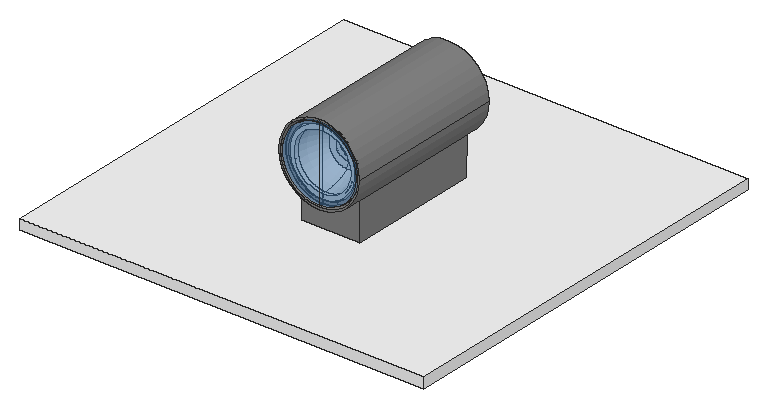
Revit family "BE_24727_de_DE", category Leuchten, Revit 2020
Family settings
  Basisbauteil = Fläche
  Bemaßung runder Anschluss = Durchmesser verwenden
  Teiletyp = Normal
  Beim Laden mit Abzugskörper schneiden = Ja
  Lichtquelle = Ja
  Gemeinsam genutzt = Nein
  Raumberechnungspunkt = Ja
Parameters (values of type "BEGA_24727_Grafit_K3")
  built-in parameter 1150104 = 15.58 (stored number, unit not read)
  Wattage = 3.9 W
  Default Elevation = 0 mm
  built-in parameter 1150113 = 1 (stored number, unit not read)
  built-in parameter 1114218 = 1 (stored number, unit not read)
  Umgebungstemperatur = "25 °C"
  URL = "https://www.bega.com/de/produkt/24727"
  Typenkommentare = "© 2022 BEGA. Wir behalten uns das Recht vor, technische Änderungen ohne vorherige Ankündigung vorzunehmen."  # constant formula
  built-in parameter 1150134 = (empty or 0)
  built-in parameter 1150109 = 1 (stored number, unit not read)
  Strom = ""
  built-in parameter 1150110 = 1 (stored number, unit not read)
  Spannung = 239.996 V
  Sonderanfertigung = no
  Seriennummer [instance] = "Hier können Sie die eindeutige Seriennummer für das Facility Management eintragen."
  Schutzklasse = "I"
  Schutzart = "IP 65"
  Scheinlast = 0 VA
  Produktdatenblatt = "https://cdn.bega.com/bega/products/24727WK4/current/documents/data-sheets/de"
  Oberflächentemperatur = ""
  Neigungswinkel = 0.00°
  Modell = "24727K3"
  Material_17 = BEGA_Reflektor
  Material_15 = BEGA_Leuchtmedium_matt
  Material_10 = BEGA_Glas_matt
  Material_06 = BEGA_Oberfläche_Edelstahl_gebürstet
  Material_03 = BEGA_Oberfläche_Weiss_matt
  Material_02 = BEGA_Oberfläche_Silber_matt
  Material_01 [instance] = BEGA_Oberfläche_Grafit_matt
  M_W = no
  M_G = yes
  M_A = no
  Logo = 0
  built-in parameter 1114217 = 1 (stored number, unit not read)
  built-in parameter 1150139 = (empty or 0)
  built-in parameter 1150105 = 52.046 (stored number, unit not read)
  built-in parameter 1150114 = 1 (stored number, unit not read)
  Lumens = 654.03 lm
  built-in parameter 1150115 = 1 (stored number, unit not read)
  Leuchtenlichtstrom = "485 lm"
  Leuchtenanzahl = ""
  Lebensdauerkriterien = "L70B50 @ 25 °C = 200000 h"
  Lastklassifizierung = Beleuchtung
  built-in parameter 1150112 = 1 (stored number, unit not read)
  Lampenlichtstrom = "645 lm"
  Lampe = "LED 3.9 W"
  LED_Modulbezeichnung = "LED-1029/830"
  built-in parameter 1150142 = (empty or 0)
  Hersteller = "BEGA"  # constant formula
  Halbstreuwinkel = ""
  Gewicht = "1.2 kg"
  Gebrauchslageneinschränkung [instance] = ""
  Frequenz = "0/50-60 Hz"
  Farbwiedergabeindex = "CRI > 80"
  Farbtemperaturverschiebung bei Dämpfen der Lampe = <Keine Auswahl>
  Farbtemperatur = "3000 K"
  Color Filter = 16777215
  built-in parameter 1150133 = 10 (stored number, unit not read)
  Energieeffizienzklasse = "LED A++ - A"
  built-in parameter 1150137 = (empty or 0)
  built-in parameter 1150132 = (empty or 0)
  ENEC = ""
  Dimmbar [instance] = ""
  Datei für fotometrisches Netz = "BE_24727K3.IES"
  CE_Konformität = "ja"
  Bestellnummer = "24727K3"
  Beschreibung_Sonderanfertigung = "Hier können Sie Informationen zur Sonderanfertigung eintragen."
  Beschreibung = "Wandleuchte"
  built-in parameter 1150106 = 0.52046 (stored number, unit not read)
  Befestigungsbohrung = "Ø 4,5 mm"
  Befestigungsabstand = "38 x 110 mm"
  Ballwurfsicher = ""
  Anschlussleitung = ""
  Anschlussleistung [instance] = "5 W"
  Anschlusskasten = ""
  built-in parameter 1150107 = 3000 (stored number, unit not read)
  built-in parameter 1150102 = (empty or 0)
  built-in parameter 1150138 = (empty or 0)
  Aktualisierung = "2022-06-02T04:00:06"
  Abstand_zur_angestrahlten_Fläche [instance] = ""
  AC/DC = "AC/DC"
Types (6, lengths in mm): name | built-in parameter 1150104 | built-in parameter 1150134 | Modell | M_W | M_G | M_A | built-in parameter 1150105 | Lumens | Leuchtenlichtstrom | Lampenlichtstrom | LED_Modulbezeichnung | Farbtemperatur | Datei für fotometrisches Netz | Bestellnummer | built-in parameter 1150106 | built-in parameter 1150107
  BEGA_24727_Weiß_K4 | 16.317 (stored number, unit not read) | 12 | "24727WK4" | yes | no | no | 54.51 (stored number, unit not read) | 684.996 lm | "515 lm" | "685 lm" | "LED-1029/840" | "4000 K" | "BE_24727K4.IES" | "24727WK4" | 0.5451 (stored number, unit not read) | 4000 (stored number, unit not read)
  BEGA_24727_Weiß_K3 | 15.58 (stored number, unit not read) | (empty or 0) | "24727WK3" | yes | no | no | 52.046 (stored number, unit not read) | 654.03 lm | "485 lm" | "645 lm" | "LED-1029/830" | "3000 K" | "BE_24727K3.IES" | "24727WK3" | 0.52046 (stored number, unit not read) | 3000 (stored number, unit not read)
  BEGA_24727_Grafit_K4 | 16.317 (stored number, unit not read) | 12 | "24727K4" | no | yes | no | 54.51 (stored number, unit not read) | 684.996 lm | "515 lm" | "685 lm" | "LED-1029/840" | "4000 K" | "BE_24727K4.IES" | "24727K4" | 0.5451 (stored number, unit not read) | 4000 (stored number, unit not read)
  BEGA_24727_Grafit_K3 | 15.58 (stored number, unit not read) | (empty or 0) | "24727K3" | no | yes | no | 52.046 (stored number, unit not read) | 654.03 lm | "485 lm" | "645 lm" | "LED-1029/830" | "3000 K" | "BE_24727K3.IES" | "24727K3" | 0.52046 (stored number, unit not read) | 3000 (stored number, unit not read)
  BEGA_24727_Silber_K3 | 15.58 (stored number, unit not read) | (empty or 0) | "24727AK3" | no | no | yes | 52.046 (stored number, unit not read) | 654.03 lm | "485 lm" | "645 lm" | "LED-1029/830" | "3000 K" | "BE_24727K3.IES" | "24727AK3" | 0.52046 (stored number, unit not read) | 3000 (stored number, unit not read)
  BEGA_24727_Silber_K4 | 16.317 (stored number, unit not read) | 12 | "24727AK4" | no | no | yes | 54.51 (stored number, unit not read) | 684.996 lm | "515 lm" | "685 lm" | "LED-1029/840" | "4000 K" | "BE_24727K4.IES" | "24727AK4" | 0.5451 (stored number, unit not read) | 4000 (stored number, unit not read)
Reference planes
  plane 1 "Mitte (Vorne/Hinten)": y = 0
  plane 2: z = 0
  plane 3 "Mitte (Links/Rechts)": x = 0
  plane 4 "Links": x = -40.06
  plane 5 "Rechts": x = 40.076
  plane 6 "Unten": y = -79.5
  plane 7 "Oben": y = 79.5
  plane 8 "Vorne": z = 105.329
  plane 9 "Hinten": z = 0
Forms (mm)
  Extrusion 1, solid, material "BEGA_Platte_Weiss"
    sketch origin (0, -1119.2, 0) x (1, 0, 0) y (0, 1, 0)
      loop
        line (-200, 1319.2) -> (-200, 919.2) -> (200, 919.2) -> (200, 1319.2) -> (-200, 1319.2)
    from 0 to -10
  Extrusion 2, solid, material "BEGA_Dummy_matt", not visible
    sketch origin (80.095, -76.023, 0) x (1, 0, 0) y (0, 1, 0)
      loop
        line (-120.156, 155.523) -> (-120.156, -3.477) -> (-40.019, -3.477) -> (-40.019, 155.523) -> (-120.156, 155.523)
    from 0 to 105.329
Dimensions and locks
  plane 1 "Mitte (Vorne/Hinten)" to Extrusion 1 = 200 mm
  aligned and locked: Extrusion 1 to plane 2
  aligned and locked: level to Extrusion 1
Nested families
  nested 1: "BE_24727" at (0, 0, 0) x (0, 1, 0) z (0, 0, 1), type "BE_24727"
Connectors
  electrical at (0, 0, 0), driven by "Lastklassifizierung", driven by "Spannung", driven by "Scheinlast"
    settings: index 1, voltage 239.996 V, apparent load 0 VA, apparent load phase1 0 VA, apparent load phase2 0 VA, apparent load phase3 0 VA, power factor 1, load classification "Beleuchtung", number of poles 1, system type 31, power factor state 1, is connector primary yes, connector utility no, sub classification motor no, connector description ""
Definition of nested family "BE_24727"
  Parameters (values of type "BE_24727")
    Default Elevation = 1 mm
    URL = "http://www.bega.de/de/produkt"
    Type Comments = "© 2015 BEGA. Wir behalten uns das Recht vor, technische Änderungen ohne vorherige Ankündigung vorzunehmen. "  # constant formula
    Type Image = (empty or 0)
    Material_17 = none
    Material_15 = none
    Material_10 = none
    Material_03 = none
    Material_02 = none
    Material_01 = none
    M_W = yes
    M_G = yes
    M_A = yes
    Länge_Platte = 200 mm  # constant formula
    Höhe_Platte = -10 mm  # constant formula
    Manufacturer = "BEGA"  # constant formula
    Breite_Platte = 200 mm  # constant formula
  Reference planes
    plane 1 "Mitte (Oben/Unten)": y = 0
    plane 2: z = 0
    plane 3 "Mitte (Links/Rechts)": x = 0
    plane 4: y = 40.06
    plane 5: x = 79.5
    plane 6: y = -40.076
    plane 7: x = -79.5
    plane 8: z = 105.329
  Forms (mm)
    Extrusion 1, solid, detail levels medium
      sketch origin (0, 0, 0) x (1, 0, 0) y (0, 1, 0)
        loop
          line (-100, 100) -> (-100, -100) -> (100, -100) -> (100, 100) -> (-100, 100)
      from 0 to -10 <- "Höhe_Platte"
    Extrusion 2, solid, material <- "Material_01", visible <- "M_G"
      sketch origin (0, 0, 0) x (1, 0, 0) y (0, 0, 1)
        loop
          line (66.514, 39.932) -> (-66.514, 39.932) -> (-65.469, 0) -> (65.469, 0) -> (66.514, 39.932)
      from -29.127 to 29.01
    Extrusion 3, solid, material <- "Material_01", visible <- "M_G"
      sketch origin (0, 0, 0) x (0, 1, 0) y (0, 0, 1)
        loop
          circle (0, 65.2) r 40
      from -79.5 to 79.5
    Revolve 4, void
      sketch origin (0, 0, 0) x (1, 0, 0) y (0, 0, 1)
        loop
          line (-75.3, 98.782) -> (-75.3, 102.053) -> (-79.5, 103.582) -> (-79.5, 65.2) -> (-40.25, 65.2) -> (-40.25, 98.171) -> (-75.3, 98.782)
        axis (-40.25, 65.2) -> (-79.5, 65.2)
      angle from 0 to 360
    Extrusion 5, solid, material <- "Material_15"
      sketch origin (0, 0, 0) x (-1, 0, 0) y (0, 0, -1)
        loop
          line (41.95, -67.7) -> (42.75, -67.7) -> (42.75, -62.7) -> (41.95, -62.7) -> (41.95, -67.7)
      from -2.5 to 2.5
    Extrusion 6, solid, material <- "Material_03", visible <- "M_W"
      sketch origin (0, 0, 0) x (0, 1, 0) y (0, 0, 1)
        loop
          circle (0, 65.2) r 40
      from -79.5 to 79.5
    Extrusion 7, solid, material <- "Material_03", visible <- "M_W"
      sketch origin (0, 0, 0) x (1, 0, 0) y (0, 0, 1)
        loop
          line (66.514, 39.932) -> (-66.514, 39.932) -> (-65.469, 0) -> (65.469, 0) -> (66.514, 39.932)
      from -29.127 to 29.01
    Extrusion 8, solid, material <- "Material_03", visible <- "M_W"
      sketch origin (0, 0, 0) x (0, 1, 0) y (0, 0, 1)
        loop
          circle (0, 65.2) r 40
      from -79.5 to 79.5
    Extrusion 9, solid, material <- "Material_03", visible <- "M_W"
      sketch origin (0, 0, 0) x (1, 0, 0) y (0, 0, 1)
        loop
          line (66.514, 39.932) -> (-66.514, 39.932) -> (-65.469, 0) -> (65.469, 0) -> (66.514, 39.932)
      from -29.127 to 29.01
    Extrusion 10, solid, material <- "Material_02", visible <- "M_A"
      sketch origin (0, 0, 0) x (0, 1, 0) y (0, 0, 1)
        loop
          circle (0, 65.2) r 40
      from -79.5 to 79.5
    Extrusion 11, solid, material <- "Material_02", visible <- "M_A"
      sketch origin (0, 0, 0) x (1, 0, 0) y (0, 0, 1)
        loop
          line (66.514, 39.932) -> (-66.514, 39.932) -> (-65.469, 0) -> (65.469, 0) -> (66.514, 39.932)
      from -29.127 to 29.01
    Revolve 12, solid, material <- "Material_10"
      sketch origin (0, 0, 0) x (-1, 0, 0) y (0, 0, 1)
        loop
          line (79.51, 101.7) -> (75.4, 101.7) -> (75.4, 65.2) -> (79.51, 65.2) -> (79.51, 101.7)
        axis (79.51, 65.2) -> (75.4, 65.2)
      angle from 0 to 360
    Extrusion 13, void
      sketch origin (0, 0, 0) x (1, 0, 0) y (0, 1, 0)
        loop
          circle (-55, -20) r 2.25
        loop
          arc (52.75, 16) -> (55, 13.75) -> (57.25, 16) r 2.25
          line (57.25, 16) -> (57.25, 20)
          arc (57.25, 20) -> (55, 22.25) -> (52.75, 20) r 2.25
          line (52.75, 20) -> (52.75, 16)
        loop
          circle (30, -8.5) r 2.5
        loop
          circle (-30, -8.5) r 2.5
      from 0 to 20.536
    Revolve 14, solid, material <- "Material_17"
      sketch origin (0, 0, 0) x (-1, 0, 0) y (0, 0, 1)
        loop
          line (75.3, 93.3) -> (75.3, 97.426) -> (70.187, 99.093) -> (74.034, 94.433)
          arc (74.034, 94.433) -> (58.49, 91.726) -> (44.693, 84.071) r 47.45
          line (44.693, 84.071) -> (43.5, 77.305) -> (43.5, 72.2) -> (44.7, 72.221) -> (44.7, 77.2) -> (45.811, 83.502)
          arc (45.811, 83.502) -> (57.993, 90.265) -> (71.634, 93.101) r 46.34
          line (71.634, 93.101) -> (75.3, 93.3)
        axis (75.3, 65.2) -> (43.5, 65.2)
      angle from 0 to 360
  Cuts and joins
    Revolve 4, Extrusion 13 cuts Extrusion 2
    Revolve 4, Extrusion 13 cuts Extrusion 3
    joined: Extrusion 2, Extrusion 3
    Revolve 4, Extrusion 13 cuts Extrusion 8
    Revolve 4, Extrusion 13 cuts Extrusion 6
    Revolve 4, Extrusion 13 cuts Extrusion 7
    Revolve 4, Extrusion 13 cuts Extrusion 9
    joined: Extrusion 6, Extrusion 7, Extrusion 9
    Revolve 4, Extrusion 13 cuts Extrusion 10
    Revolve 4, Extrusion 13 cuts Extrusion 11
    joined: Extrusion 10, Extrusion 11
  Dimensions and locks
    equal spacing: Extrusion 1 sketch curve, plane 3 "Mitte (Links/Rechts)", Extrusion 1 sketch curve
    equal spacing: Extrusion 1 sketch curve, plane 1 "Mitte (Oben/Unten)", Extrusion 1 sketch curve
    "Länge_Platte": Extrusion 1 sketch curve to Extrusion 1 sketch curve
    "Breite_Platte": Extrusion 1 sketch curve to Extrusion 1 sketch curve
    aligned and locked: Extrusion 1 to plane 2
    aligned and locked: level to Extrusion 1
  Automatic sketch dimensions
    Extrusion 2 sketch curve to level = 0 mm
    Extrusion 2 sketch curve to plane 7 = 12.986 mm
    Extrusion 2 sketch curve to plane 7 = 14.031 mm
    Extrusion 2 sketch curve to plane 5 = 14.031 mm
    Extrusion 2 sketch curve to plane 5 = 12.986 mm
    level to Extrusion 2 sketch curve = 39.932 mm
    Extrusion 3 sketch curve to plane 1 "Mitte (Oben/Unten)" = 0 mm
    Extrusion 3 sketch curve to plane 8 = 40.129 mm
    plane 7 to Revolve 4 sketch curve = 0 mm  (x2)
    Revolve 4 sketch curve to plane 5 = 0 mm
    Revolve 4 sketch curve to plane 7 = 4.2 mm
    Revolve 4 sketch curve to plane 8 = 7.158 mm
    Revolve 4 sketch curve to Revolve 4 sketch curve = 35.05 mm
    Revolve 4 sketch curve to plane 8 = 40.129 mm  (x2)
    Revolve 4 sketch curve to plane 8 = 6.547 mm
    Revolve 4 sketch curve to Revolve 4 sketch curve = 3.27 mm
    Revolve 4 sketch curve to plane 8 = 1.747 mm
    plane 7 to Extrusion 5 sketch curve = 37.55 mm
    Extrusion 5 sketch curve to Extrusion 5 sketch curve = 0.8 mm
    plane 8 to Extrusion 5 sketch curve = 42.629 mm
    Extrusion 5 sketch curve to Extrusion 5 sketch curve = 5 mm
    Extrusion 6 sketch curve to plane 1 "Mitte (Oben/Unten)" = 0 mm
    Extrusion 6 sketch curve to plane 8 = 40.129 mm
    Extrusion 7 sketch curve to level = 0 mm
    Extrusion 7 sketch curve to plane 7 = 12.986 mm
    Extrusion 7 sketch curve to plane 7 = 14.031 mm
    Extrusion 7 sketch curve to plane 5 = 14.031 mm
    Extrusion 7 sketch curve to plane 5 = 12.986 mm
    level to Extrusion 7 sketch curve = 39.932 mm
    Extrusion 8 sketch curve to plane 1 "Mitte (Oben/Unten)" = 0 mm
    Extrusion 8 sketch curve to plane 8 = 40.129 mm
    Extrusion 9 sketch curve to level = 0 mm
    Extrusion 9 sketch curve to plane 7 = 12.986 mm
    Extrusion 9 sketch curve to plane 7 = 14.031 mm
    Extrusion 9 sketch curve to plane 5 = 14.031 mm
    Extrusion 9 sketch curve to plane 5 = 12.986 mm
    level to Extrusion 9 sketch curve = 39.932 mm
    Extrusion 10 sketch curve to plane 1 "Mitte (Oben/Unten)" = 0 mm
    Extrusion 10 sketch curve to plane 8 = 40.129 mm
    Extrusion 11 sketch curve to level = 0 mm
    Extrusion 11 sketch curve to plane 7 = 12.986 mm
    Extrusion 11 sketch curve to plane 7 = 14.031 mm
    Extrusion 11 sketch curve to plane 5 = 14.031 mm
    Extrusion 11 sketch curve to plane 5 = 12.986 mm
    level to Extrusion 11 sketch curve = 39.932 mm
    plane 7 to Revolve 12 sketch curve = 4.1 mm
    Revolve 12 sketch curve to plane 7 = 0.01 mm
    plane 8 to Revolve 12 sketch curve = 40.129 mm
    plane 8 to Revolve 12 sketch curve = 3.629 mm
    plane 5 to Revolve 12 sketch curve = 2.2 mm
    plane 7 to Revolve 12 sketch curve = 1.732 mm
    Revolve 12 sketch curve to Revolve 12 sketch curve = 0 mm
    Extrusion 13 sketch curve to plane 7 = 24.5 mm
    plane 1 "Mitte (Oben/Unten)" to Extrusion 13 sketch curve = 8.5 mm  (x2)
    Extrusion 13 sketch curve to Extrusion 13 sketch curve = 25 mm
    plane 3 "Mitte (Links/Rechts)" to Extrusion 13 sketch curve = 30 mm
    Extrusion 13 sketch curve to plane 5 = 26.75 mm
    Extrusion 13 sketch curve to Extrusion 13 sketch curve = 2.25 mm
    plane 1 "Mitte (Oben/Unten)" to Extrusion 13 sketch curve = 20 mm
    Extrusion 13 sketch curve to plane 1 "Mitte (Oben/Unten)" = 16 mm
    Extrusion 13 sketch curve to Extrusion 13 sketch curve = 4 mm
    plane 7 to Revolve 14 sketch curve = 36 mm
    Revolve 14 sketch curve to Revolve 14 sketch curve = 1.193 mm
    Revolve 14 sketch curve to Revolve 14 sketch curve = 1.2 mm
    Revolve 14 sketch curve to Revolve 14 sketch curve = 1.118 mm
    plane 7 to Revolve 14 sketch curve = 9.313 mm
    Revolve 14 sketch curve to Revolve 14 sketch curve = 1.447 mm
    Revolve 14 sketch curve to Revolve 14 sketch curve = 2.4 mm
    plane 7 to Revolve 14 sketch curve = 5.36 mm
    Revolve 14 sketch curve to Revolve 14 sketch curve = 0.151 mm
    Revolve 14 sketch curve to Revolve 14 sketch curve = 1.266 mm
    Revolve 14 sketch curve to level = 46.829 mm
    Revolve 14 sketch curve to Revolve 14 sketch curve = 0.155 mm
    plane 8 to Revolve 14 sketch curve = 33.129 mm
    Revolve 14 sketch curve to Revolve 14 sketch curve = 0.021 mm
    Revolve 14 sketch curve to Revolve 14 sketch curve = 4.979 mm
    Revolve 14 sketch curve to Revolve 14 sketch curve = 0.105 mm
    Revolve 14 sketch curve to Revolve 14 sketch curve = 6.302 mm
    Revolve 14 sketch curve to Revolve 14 sketch curve = 0.569 mm
    Revolve 14 sketch curve to Revolve 14 sketch curve = 1.133 mm
    Revolve 14 sketch curve to Revolve 14 sketch curve = 2.992 mm
    Revolve 14 sketch curve to Revolve 14 sketch curve = 1.668 mm
    plane 5 to Revolve 14 sketch curve = 2.2 mm
    plane 7 to Revolve 14 sketch curve = 1.732 mm
    Revolve 14 sketch curve to Revolve 14 sketch curve = 18.216 mm
    radius of Extrusion 3 sketch curve = 40 mm
    radius of Extrusion 6 sketch curve = 40 mm
    radius of Extrusion 8 sketch curve = 40 mm
    radius of Extrusion 10 sketch curve = 40 mm
    radius of Extrusion 13 sketch curve = 2.25 mm
    radius of Extrusion 13 sketch curve = 2.5 mm  (x2)
